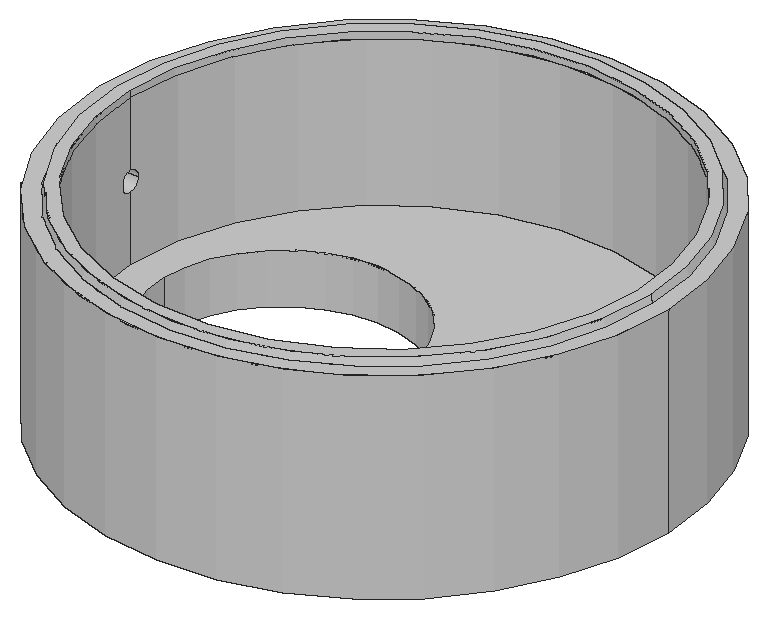
Revit family "KSPF.V 15.6", category Фундамент несущей конструкции, Revit 2025
Family settings
  Материал для поведения модели = Прочее
  Заглушка = Нет
  Номер OmniClass = 23.25.05.00
  Заголовок OmniClass = Foundations
  На основе рабочей плоскости = Нет
  Всегда вертикально = Да
  При загрузке вырезать с полостями = Нет
  Общий = Нет
  Показывать семейство разрезанным на планах = Да
Parameters
  Петля = Петля_П1_П2 : П2
Reference planes
  plane 1 "По центру (Вперед/Назад)": y = -35
  plane 2: z = 0
  plane 3 "По центру (Влево/Вправо)": x = 0
  plane 4: z = 610
  plane 5: z = 590
  plane 6: x = -750
  plane 7: x = -840
  plane 8: x = 750
  plane 9: x = 840
  plane 10: z = 370
  plane 11: x = 830
  plane 12: x = -830
  plane 13: x = -786
  plane 14: through (-793.35, -4572, 610) normal (-0.9386, 0, 0.3449)
  plane 15: x = 786
  plane 16: through (793.35, -4572, 610) normal (-0.9386, 0, -0.3449)
  plane 17: z = 150
  plane 18: x = -650
  plane 19: x = 50
  plane 20: x = -300
Forms (mm)
  Extrusion 1, solid, material "Бетон В15"
    sketch origin (0, 0, 0) x (1, 0, 0) y (0, 1, 0)
      loop
        circle (0, -35) r 840
      loop
        circle (0, -35) r 750
    from 0 to 590
  Extrusion 2, void
    sketch origin (0, 0, 0) x (0, 1, 0) y (0, 0, 1)
      loop
        circle (-35, 370) r 30
    from -830 to 830
  Blend 3, solid, material "Бетон В15"
    base sketch origin (0, 0, 0) x (1, 0, 0) y (0, 1, 0)
      loop
        circle (0, -35) r 793.35
    top sketch origin (0, 0, 0) x (1, 0, 0) y (0, 1, 0)
      loop
        circle (0, -35) r 786
    from 590 to 610
  Extrusion 4, void
    sketch origin (0, 0, 0) x (1, 0, 0) y (0, 1, 0)
      loop
        circle (0, -35) r 750
    from 590 to 610
  Extrusion 5, solid, material "Бетон В15"
    sketch origin (0, 0, 0) x (1, 0, 0) y (0, 1, 0)
      loop
        circle (0, -35) r 750
      loop
        circle (-300, -35) r 350
    from 0 to 150
Cuts and joins
  Extrusion 2, Extrusion 4 cuts Extrusion 1
  Extrusion 4 cuts Blend 3
  joined: Extrusion 1, Blend 3, Extrusion 5
Dimensions and locks
  plane 4 to level = 610 mm
  plane 10 to level = 370 mm
  aligned and locked: plane 2 to level
